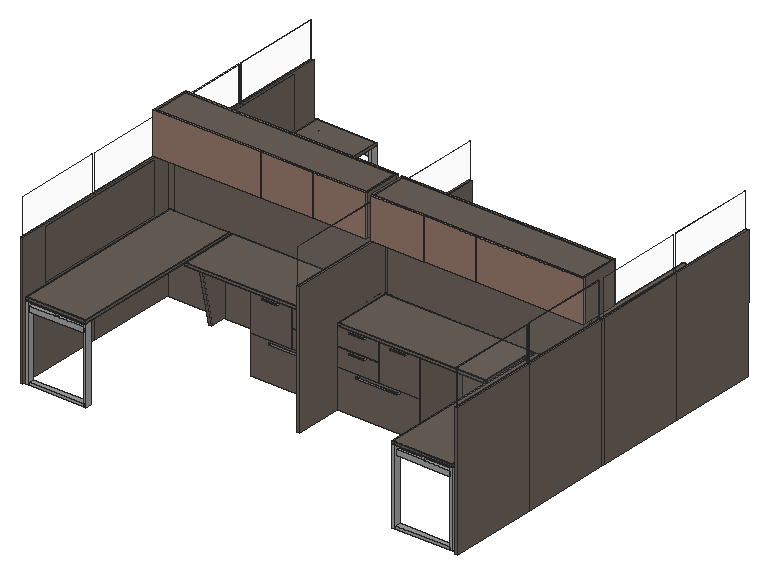
Revit family "OFS TYPICAL S200152", category Furniture, Revit 2022 (continued)
Definition of nested family "STAKS BENCHING RECTANGULAR WORKSURFACES"
  Lines and regions (in)
    Masking region 1
      outline origin (0, 0, 16.625) x (-1, 0, 0) y (0, -1, 0)
        loop
          line (-7.67998, 1.95865) -> (-7.55498, 1.83365) -> (-7.55498, 23.83365) -> (-7.67998, 23.70865) -> (-7.67998, 1.95865)
    Masking region 2
      outline origin (0, 0, 16.625) x (-1, 0, 0) y (0, -1, 0)
        loop
          line (-7.55498, 1.83365) -> (-7.67998, 1.95865) -> (-55.42998, 1.95865) -> (-55.55498, 1.83365) -> (-7.55498, 1.83365)
    Masking region 3
      outline origin (0, 0, 16.625) x (-1, 0, 0) y (0, -1, 0)
        loop
          line (-55.55498, 1.83365) -> (-55.42998, 1.95865) -> (-55.42998, 23.70865) -> (-55.55498, 23.83365) -> (-55.55498, 1.83365)
    Masking region 4
      outline origin (0, 0, 16.625) x (-1, 0, 0) y (0, -1, 0)
        loop
          line (-55.55498, 23.83365) -> (-55.42998, 23.70865) -> (-7.67998, 23.70865) -> (-7.55498, 23.83365) -> (-55.55498, 23.83365)
    Masking region 5
      outline origin (0, 0, 16.625) x (-1, 0, 0) y (0, -1, 0)
        loop
          line (-55.42998, 23.70865) -> (-55.42998, 1.95865) -> (-7.67998, 1.95865) -> (-7.67998, 23.70865) -> (-55.42998, 23.70865)
  Dimensions and locks (in)
    "SURFACE DEPTH": plane 4 "BACK" to plane 5 "FRONT"
    "SURFACE WIDTH": plane 2 "LEFT" to plane 3 "RIGHT"
    locked: plane 11 "SURFACE TOP" to plane 10 at 1.125
    locked: plane 4 "BACK" to plane 8 at 0.125
    locked: plane 2 "LEFT" to plane 6 at 0.125
    locked: plane 7 to plane 3 "RIGHT" at 0.125
    locked: plane 9 to plane 5 "FRONT" at 0.125
    aligned: level to plane 1
    aligned and locked: plane 8 to Extrusion 1 sketch curve
    aligned and locked: Extrusion 1 sketch curve to plane 6
    aligned and locked: Extrusion 1 sketch curve to plane 9
    aligned and locked: plane 7 to Extrusion 1 sketch curve
    aligned and locked: plane 11 "SURFACE TOP" to Extrusion 1
    aligned and locked: Extrusion 1 to plane 10
    aligned and locked: Sweep 2 sketch curve to plane 5 "FRONT"
    aligned and locked: Sweep 2 sketch curve to plane 2 "LEFT"
    aligned and locked: plane 4 "BACK" to Sweep 2 sketch curve
    aligned and locked: plane 3 "RIGHT" to Sweep 2 sketch curve
  Automatic sketch dimensions
    Masking region 1 sketch curve to plane 6 = 0' - 0"
    Masking region 1 sketch curve to plane 2 "LEFT" = 0' - 0"
    Masking region 1 sketch curve to plane 4 "BACK" = 0' - 0"
    Masking region 1 sketch curve to plane 8 = 0' - 0"
    Masking region 1 sketch curve to plane 9 = 0' - 0"
    Masking region 1 sketch curve to plane 5 "FRONT" = 0' - 0"
    Masking region 2 sketch curve to plane 3 "RIGHT" = 0' - 0"
    Masking region 2 sketch curve to plane 7 = 0' - 0"
    Masking region 2 sketch curve to plane 6 = 0' - 0"
    Masking region 2 sketch curve to plane 2 "LEFT" = 0' - 0"
    Masking region 2 sketch curve to plane 4 "BACK" = 0' - 0"
    Masking region 2 sketch curve to plane 8 = 0' - 0"
    Masking region 3 sketch curve to plane 3 "RIGHT" = 0' - 0"
    Masking region 3 sketch curve to plane 7 = 0' - 0"
    Masking region 3 sketch curve to plane 4 "BACK" = 0' - 0"
    Masking region 3 sketch curve to plane 8 = 0' - 0"
    Masking region 3 sketch curve to plane 9 = 0' - 0"
    Masking region 3 sketch curve to plane 5 "FRONT" = 0' - 0"
    Masking region 4 sketch curve to plane 3 "RIGHT" = 0' - 0"
    Masking region 4 sketch curve to plane 7 = 0' - 0"
    Masking region 4 sketch curve to plane 6 = 0' - 0"
    Masking region 4 sketch curve to plane 2 "LEFT" = 0' - 0"
    Masking region 4 sketch curve to plane 9 = 0' - 0"
    Masking region 4 sketch curve to plane 5 "FRONT" = 0' - 0"
    Masking region 5 sketch curve to plane 7 = 0' - 0"
    Masking region 5 sketch curve to plane 6 = 0' - 0"
    Masking region 5 sketch curve to plane 8 = 0' - 0"
    Masking region 5 sketch curve to plane 9 = 0' - 0"
    Sweep 2 sketch curve to profile plane = 0' - 0"
    Sweep 2 sketch curve to plane 11 "SURFACE TOP" = 0' - 0"
    Sweep 2 sketch curve to profile plane = 0' - 0 1/8"
    Sweep 2 sketch curve to Sweep 2 sketch curve = 0' - 0 7/8"
Definition of nested family "STAKS WORKSURFACE HEIGHT MULTI FILE PEDESTAL - NO RISER SUPPORT"
  Parameters (values of type "STAKS WORKSURFACE HEIGHT MULTI FILE PEDESTAL 30 x 19 Left")
    URL = "http://www.ofs.com/"
    Riser Support = 0' - 0"
    Model = "6-NW3019MPD12L"
    Manufacturer = "OFS"
    LDR = no
    LDL = yes
    Height = 2' - 3 7/8"
    Drawer Material = none
    Drawer Handle Width 2 = 0' - 5 1/2"
    Drawer Handle Width = 1' - 3 1/8"
    Drawer Handle Material = none
    Description = "OFS STAKS WORKSURFACE HEIGHT MULTI FILE PEDESTAL 30 x 19 Left, One Lateral File Drawer, Use with 22\"D Worksurfaces"
    Width = 2' - 6"
    Depth = 1' - 7 3/8"
    Default Elevation = 0' - 0"
    DH2 = 0' - 6 3/4"
    DH1 = 1' - 2 3/8"
    Copyright © = "© 2018 OFS"
    Chasis Material = none
    Catalog = "https://ofs.com/products/casegoods/private-office/staks"
    Board Thickness = 0' - 0 3/4"
    Authoring Version = "Autodesk Revit Architecture 2013"
    Assembly Code = "E2020200"
  Types (4): name | Model | LDR | LDL | Description | Depth
    STAKS WORKSURFACE HEIGHT MULTI FILE PEDESTAL 30 x 19 Left | "6-NW3019MPD12L" | no | yes | "OFS STAKS WORKSURFACE HEIGHT MULTI FILE PEDESTAL 30 x 19 Left, One Lateral File Drawer, Use with 22\"D Worksurfaces" | 1' - 7 3/8"
    STAKS WORKSURFACE HEIGHT MULTI FILE PEDESTAL 30 x 19 Right | "6-NW3019MPD12R" | yes | no | "OFS STAKS WORKSURFACE HEIGHT MULTI FILE PEDESTAL 30 x 19 Right, One Lateral File Drawer, Use with 22\"D Worksurfaces" | 1' - 7 3/8"
    STAKS WORKSURFACE HEIGHT MULTI FILE PEDESTAL 30 x 22 Right | "6-NW3022MPD12R" | yes | no | "OFS STAKS WORKSURFACE HEIGHT MULTI FILE PEDESTAL 30 x 22 Right, One Lateral File Drawer, Use with 22\"D Worksurfaces" | 1' - 9 7/8"
    STAKS WORKSURFACE HEIGHT MULTI FILE PEDESTAL 30 x 22 Left | "6-NW3022MPD12L" | no | yes | "OFS STAKS WORKSURFACE HEIGHT MULTI FILE PEDESTAL 30 x 22 Left, One Lateral File Drawer, Use with 22\"D Worksurfaces" | 1' - 9 7/8"
  Reference planes (in)
    plane 1: z = 0
    plane 2 "Right": x = 20.97711
    plane 3: z = 27.875
    plane 4: z = 14.375
    plane 5: z = 14.25
    plane 6: z = 0
    plane 7: z = 14
    plane 8: z = 27.625
    plane 9: z = 13.531
    plane 10: z = 27.15625
    plane 11: x = 5.97711
    plane 12: y = 1.37535
    plane 13: y = 0.62535
    plane 14: x = 6.03961
    plane 15: x = 35.91411
    plane 16: x = 6.72711
    plane 17: y = 20.00035
    plane 18: x = 35.97711
    plane 19: x = 35.22711
    plane 20: x = 13.41461
    plane 21: x = 13.78961
    plane 22: x = 28.53961
    plane 23: x = 28.16461
    plane 24: y = -0.18715
    plane 25: y = -0.37465
    plane 26: z = 21.125
    plane 27: z = 21
    plane 28: z = 20.75
    plane 29: z = 20.281
    plane 30: z = 0.25
    plane 31: y = 19.25035
    plane 32: z = 0.75
    plane 33: y = 16.75035
    plane 34: y = 4.37535
    plane 35: y = 8.37535
    plane 36: y = 12.75035
    plane 37: y = 5.00035
    plane 38: y = 13.37535
    plane 39: z = 28
    plane 40: x = 20.91461
    plane 41: x = 21.03961
    plane 42: x = 13.50836
    plane 43: x = 16.25836
    plane 44: x = 10.75836
    plane 45: x = 11.13336
    plane 46: x = 15.88336
    plane 47: x = 28.47711
    plane 48: x = 25.72711
    plane 49: x = 31.22711
    plane 50: x = 30.85211
    plane 51: x = 26.10211
  Forms (in)
    Extrusion 1, solid, material <- "Drawer Material"
      sketch origin (20.35211, 5, -13.1802) x (0, 1, 0) y (0, 0, 1)
        loop
          line (-4.37465, 27.4302) -> (-4.37465, 13.4302) -> (-3.62465, 13.4302) -> (-3.62465, 27.4302) -> (-4.37465, 27.4302)
      from -14.3125 to 15.562
    Extrusion 2, solid, material <- "Drawer Material", visible <- "LDR"
      sketch origin (20.35211, 2.25, -7.68015) x (0, 1, 0) y (0, 0, 1)
        loop
          line (-1.62465, 28.68015) -> (-1.62465, 22.05515) -> (-0.87465, 22.05515) -> (-0.87465, 28.68015) -> (-1.62465, 28.68015)
      from -14.3125 to 0.5625
    Extrusion 3, solid, material <- "Chasis Material"
      sketch origin (-3, -1.24965, 0) x (1, 0, 0) y (0, 0, 1)
        loop
          line (8.97711, 0) -> (9.72711, 0) -> (9.72711, 27.875) -> (8.97711, 27.875) -> (8.97711, 0)
      from -21.25 to -2.625
    Extrusion 4, solid, material <- "Chasis Material"
      sketch origin (19.35211, 31.02324, 0) x (0, 1, 0) y (0, 0, 1)
        loop
          line (-11.77289, 0) -> (-11.02289, 0) -> (-11.02289, 27.875) -> (-11.77289, 27.875) -> (-11.77289, 0)
      from -12.625 to 15.875
    Extrusion 5, solid, material <- "Drawer Handle Material"
      sketch origin (9, 0, 9.60933) x (1, 0, 0) y (0, 1, 0)
        loop
          line (4.41461, 0.62535) -> (4.41461, -0.37465) -> (19.53961, -0.37465) -> (19.53961, 0.62535) -> (19.16461, 0.62535) -> (19.16461, -0.18715) -> (4.78961, -0.18715) -> (4.78961, 0.62535) -> (4.41461, 0.62535)
      from 3.92167 to 4.39067
    Extrusion 6, solid, material <- "Chasis Material"
      sketch origin (0, 0, 0) x (1, 0, 0) y (0, 1, 0)
        loop
          line (35.97711, 20.00035) -> (35.22711, 20.00035) -> (35.22711, 1.37535) -> (35.97711, 1.37535) -> (35.97711, 20.00035)
      from 0 to 27.875
    Extrusion 7, solid, material <- "Drawer Material", visible <- "LDR"
      sketch origin (20.35211, 2.25, 0.06985) x (0, 1, 0) y (0, 0, 1)
        loop
          line (-1.62465, 27.80515) -> (-1.62465, 21.05515) -> (-0.87465, 21.05515) -> (-0.87465, 27.80515) -> (-1.62465, 27.80515)
      from -14.3125 to 0.5625
    Extrusion 8, solid, material <- "Chasis Material"
      sketch origin (-29.79592, -1.62465, 7.24693) x (1, 0, 0) y (0, 0, 1)
        loop
          line (36.52304, 19.90932) -> (65.02304, 19.90932) -> (65.02304, 20.62807) -> (36.52304, 20.62807) -> (36.52304, 19.90932)
      from -18.375 to -14.375
    Extrusion 9, solid, material <- "Chasis Material"
      sketch origin (-29.79592, -7.12465, 7.24693) x (1, 0, 0) y (0, 0, 1)
        loop
          line (36.52304, 19.90932) -> (65.02304, 19.90932) -> (65.02304, 20.62807) -> (36.52304, 20.62807) -> (36.52304, 19.90932)
      from -15.5 to -11.5
    Extrusion 10, solid, material <- "Chasis Material"
      sketch origin (-31.5409, -1.62465, -42.72261) x (1, 0, 0) y (0, 0, 1)
        loop
          line (38.26801, 42.72261) -> (66.76801, 42.72261) -> (66.76801, 43.47261) -> (38.26801, 43.47261) -> (38.26801, 42.72261)
      from -20.875 to -3
    Extrusion 11, solid
      sketch origin (0, 0, 0) x (1, 0, 0) y (0, 1, 0)
        loop
          line (35.91411, 20.00035) -> (35.22711, 20.00035) -> (35.22711, 13.37535) -> (6.72711, 13.37535) -> (6.72711, 20.00035) -> (6.03961, 20.00035) -> (6.03961, 1.37535) -> (6.72711, 1.37535) -> (6.72711, 4.37535) -> (35.22711, 4.37535) -> (35.22711, 1.37535) -> (35.91411, 1.37535) -> (35.91411, 20.00035)
        loop
          line (35.22711, 5.00035) -> (35.22711, 12.75035) -> (6.72711, 12.75035) -> (6.72711, 5.00035) -> (35.22711, 5.00035)
      from 27.875 to 28
    Extrusion 12, solid, material <- "Drawer Material", visible <- "LDL"
      sketch origin (21.60211, 2.25, -7.68015) x (0, 1, 0) y (0, 0, -1)
        loop
          line (-1.62465, -28.68015) -> (-0.87465, -28.68015) -> (-0.87465, -22.05515) -> (-1.62465, -22.05515) -> (-1.62465, -28.68015)
      from -14.312 to 0.5625
    Extrusion 13, solid, material <- "Drawer Material", visible <- "LDL"
      sketch origin (21.60211, 2.25, 0.06985) x (0, 1, 0) y (0, 0, -1)
        loop
          line (-1.62465, -27.80515) -> (-0.87465, -27.80515) -> (-0.87465, -21.05515) -> (-1.62465, -21.05515) -> (-1.62465, -27.80515)
      from -14.312 to 0.5625
    Extrusion 14, solid, material <- "Drawer Handle Material"
      sketch origin (6, 0, 28.42137) x (1, 0, 0) y (0, 1, 0)
        loop
          line (4.75836, 0.62535) -> (4.75836, -0.37465) -> (10.25836, -0.37465) -> (10.25836, 0.62535) -> (9.88336, 0.62535) -> (9.88336, -0.18715) -> (5.13336, -0.18715) -> (5.13336, 0.62535) -> (4.75836, 0.62535)
      from -1.26512 to -0.79637
    Extrusion 15, solid, material <- "Drawer Handle Material"
      sketch origin (20.66456, -2.06097, 28.42137) x (1, 0, 0) y (0, 1, 0)
        loop
          line (5.06255, 2.68632) -> (5.06255, 1.68632) -> (10.56255, 1.68632) -> (10.56255, 2.68632) -> (10.18755, 2.68632) -> (10.18755, 1.87382) -> (5.43755, 1.87382) -> (5.43755, 2.68632) -> (5.06255, 2.68632)
      from -1.26512 to -0.79637
    Extrusion 16, solid, material <- "Drawer Handle Material", visible <- "LDR"
      sketch origin (7.00542, -0.5, 20.23287) x (1, 0, 0) y (0, 1, 0)
        loop
          line (3.75294, 1.12535) -> (3.75294, 0.12535) -> (9.25294, 0.12535) -> (9.25294, 1.12535) -> (8.87794, 1.12535) -> (8.87794, 0.31285) -> (4.12794, 0.31285) -> (4.12794, 1.12535) -> (3.75294, 1.12535)
      from 0.04813 to 0.51713
    Extrusion 17, solid, material <- "Drawer Handle Material", visible <- "LDL"
      sketch origin (21.66998, -2.56097, 20.23287) x (1, 0, 0) y (0, 1, 0)
        loop
          line (4.05713, 3.18632) -> (4.05713, 2.18632) -> (9.55713, 2.18632) -> (9.55713, 3.18632) -> (9.18213, 3.18632) -> (9.18213, 2.37382) -> (4.43213, 2.37382) -> (4.43213, 3.18632) -> (4.05713, 3.18632)
      from 0.04813 to 0.51713
    Extrusion 18, solid, material <- "Drawer Material", visible <- "LDL"
      sketch origin (24.41461, 28.53949, -8.13862) x (0, 1, 0) y (0, 0, 1)
        loop
          line (-27.91414, 36.01362) -> (-27.91414, 22.51362) -> (-27.16414, 22.51362) -> (-27.16414, 36.01362) -> (-27.91414, 36.01362)
      from -18.375 to -3.5
    Extrusion 19, solid, material <- "Drawer Material", visible <- "LDR"
      sketch origin (46.20051, 28.53949, -5.07681) x (0, 1, 0) y (0, 0, 1)
        loop
          line (-27.91414, 32.95181) -> (-27.91414, 19.45181) -> (-27.16414, 19.45181) -> (-27.16414, 32.95181) -> (-27.91414, 32.95181)
      from -25.1609 to -10.2864
  Dimensions and locks (in)
    "Board Thickness": plane 13 to plane 12
    locked: plane 11 to plane 14 at 0.0625
    "Board Thickness": plane 11 to plane 16
    locked: plane 15 to plane 18 at 0.063
    "Width": plane 11 to plane 18
    Extrusion 6 sketch curve to plane 18 = 0' - 0 3/4"
    "Board Thickness": plane 19 to plane 18
    equal spacing: plane 11, plane 2 "Right", plane 18
    locked: plane 20 to plane 21 at 0.375
    locked: plane 23 to plane 22 at 0.375
    equal spacing: plane 20, plane 2 "Right", plane 22
    "Drawer Handle Width": plane 20 to plane 22
    plane 25 to plane 24 to plane 13 = 0' - 0 3/16" locked, 0' - 0 13/16" locked
    "Riser Support": plane 6 to level
    "Height": plane 3 to plane 6
    "DH1": plane 4 to plane 6
    "DH2": plane 26 to plane 4
    locked: plane 30 to plane 6 at 0.25
    "Board Thickness": plane 31 to plane 17
    "Depth": plane 13 to plane 17
    plane 4 to plane 5 to plane 7 to plane 9 = 0' - 0 1/8" locked, 0' - 0 1/4" locked, 0' - 0.469" locked
    plane 26 to plane 27 to plane 28 to plane 29 = 0' - 0 1/8" locked, 0' - 0 1/4" locked, 0' - 0.469" locked
    plane 3 to plane 8 to plane 10 = 0' - 0 1/4" locked, 0' - 0 15/32" locked
    "Board Thickness": plane 32 to plane 6
    plane 12 to plane 34 to plane 35 = 0' - 3" locked, 0' - 4" locked
    plane 36 to plane 33 to plane 31 = 0' - 4" locked, 0' - 2 1/2" locked
    locked: plane 34 to plane 37 at 0.625
    locked: plane 36 to plane 38 at 0.625
    locked: plane 39 to plane 3 at 0.125
    plane 40 to plane 2 "Right" to plane 41 = 0' - 0 1/16" locked, 0' - 0 1/16" locked
    locked: plane 46 to plane 43 at 0.375
    locked: plane 44 to plane 45 at 0.375
    "Drawer Handle Width 2": plane 44 to plane 43
    locked: plane 51 to plane 48 at 0.375
    locked: plane 49 to plane 50 at 0.375
    "Drawer Handle Width 2": plane 49 to plane 48
    equal spacing: plane 44, plane 42, plane 43
    equal spacing: plane 48, plane 47, plane 49
    equal spacing: plane 14, plane 42, plane 2 "Right"
    equal spacing: plane 2 "Right", plane 47, plane 18
    aligned and locked: level to plane 1
    aligned and locked: Extrusion 1 to plane 14
    aligned and locked: plane 15 to Extrusion 1
    aligned and locked: Extrusion 2 to plane 12
    aligned and locked: plane 13 to Extrusion 2
    aligned and locked: Extrusion 2 to plane 14
    aligned and locked: plane 12 to Extrusion 3
    aligned and locked: Extrusion 3 to plane 17
    aligned and locked: Extrusion 4 to plane 16
    aligned and locked: plane 16 to Extrusion 3
    aligned and locked: Extrusion 3 to plane 11
    aligned and locked: Extrusion 4 to plane 17
    aligned and locked: Extrusion 1 sketch curve to plane 12
    aligned and locked: plane 13 to Extrusion 1 sketch curve
    aligned and locked: plane 19 to Extrusion 4
    aligned and locked: plane 3 to Extrusion 3
    aligned and locked: Extrusion 5 to plane 22
    aligned and locked: plane 23 to Extrusion 5
    aligned and locked: plane 21 to Extrusion 5
    aligned and locked: Extrusion 5 to plane 20
    aligned and locked: plane 7 to Extrusion 5
    aligned and locked: Extrusion 5 to plane 9
    aligned and locked: plane 3 to Extrusion 4
    aligned and locked: plane 27 to Extrusion 2
    aligned and locked: Extrusion 1 to plane 30
    aligned and locked: Extrusion 7 to plane 26
    aligned and locked: plane 3 to Extrusion 7
    aligned and locked: Extrusion 6 to plane 19
    aligned and locked: Extrusion 7 to plane 14
    aligned and locked: plane 3 to Extrusion 6
    aligned and locked: Extrusion 6 to plane 6
    aligned and locked: plane 3 to Extrusion 8
    aligned and locked: Extrusion 8 to plane 10
    aligned and locked: plane 19 to Extrusion 8
    aligned and locked: Extrusion 8 to plane 16
    aligned and locked: Extrusion 8 to plane 33
    aligned and locked: plane 36 to Extrusion 8
    aligned and locked: plane 34 to Extrusion 9
    aligned and locked: Extrusion 9 to plane 35
    aligned and locked: plane 3 to Extrusion 9
    aligned and locked: Extrusion 9 to plane 10
    aligned and locked: plane 32 to Extrusion 10
    aligned and locked: Extrusion 10 to plane 6
    aligned and locked: Extrusion 10 to plane 31
    aligned and locked: plane 12 to Extrusion 10
    aligned and locked: plane 19 to Extrusion 10
    aligned and locked: Extrusion 10 to plane 16
    aligned and locked: Extrusion 11 to plane 3
    aligned and locked: plane 39 to Extrusion 11
    aligned and locked: plane 40 to Extrusion 7
    aligned and locked: plane 40 to Extrusion 2
    aligned and locked: plane 41 to Extrusion 13
    aligned and locked: plane 41 to Extrusion 12
    aligned and locked: Extrusion 13 to plane 26
    aligned and locked: plane 27 to Extrusion 12
    aligned and locked: plane 3 to Extrusion 13
    aligned and locked: Extrusion 12 to plane 4
    aligned and locked: plane 15 to Extrusion 12
    aligned and locked: plane 15 to Extrusion 13
    aligned and locked: Extrusion 14 to plane 45  (x2)
    aligned and locked: plane 44 to Extrusion 14
    aligned and locked: plane 46 to Extrusion 14
    aligned and locked: Extrusion 14 to plane 43
    aligned and locked: Extrusion 14 to plane 24
    aligned and locked: plane 25 to Extrusion 14
    aligned and locked: Extrusion 14 to plane 13  (x2)
    aligned and locked: Extrusion 15 to plane 13  (x2)
    aligned and locked: Extrusion 15 to plane 24
    aligned and locked: plane 25 to Extrusion 15
    aligned and locked: plane 48 to Extrusion 15
    aligned and locked: Extrusion 15 to plane 51
    aligned and locked: Extrusion 15 to plane 49
    aligned and locked: plane 50 to Extrusion 15
    aligned and locked: plane 8 to Extrusion 14
    aligned and locked: plane 8 to Extrusion 15
    aligned and locked: Extrusion 14 to plane 10
    aligned and locked: Extrusion 15 to plane 10
    aligned and locked: Extrusion 16 to plane 13  (x2)
    aligned and locked: Extrusion 17 to plane 13  (x2)
    aligned and locked: Extrusion 17 to plane 24
    aligned and locked: plane 25 to Extrusion 17
    aligned and locked: Extrusion 16 to plane 24
    aligned and locked: plane 25 to Extrusion 16
    aligned and locked: plane 44 to Extrusion 16
    aligned and locked: Extrusion 16 to plane 45
    aligned and locked: plane 46 to Extrusion 16
    aligned and locked: Extrusion 16 to plane 43
    aligned and locked: plane 48 to Extrusion 17
    aligned and locked: Extrusion 17 to plane 51
    aligned and locked: plane 50 to Extrusion 17
    aligned and locked: Extrusion 17 to plane 49
    aligned and locked: plane 28 to Extrusion 16
    aligned and locked: Extrusion 16 to plane 29
    aligned and locked: plane 28 to Extrusion 17
    aligned and locked: Extrusion 17 to plane 29
    aligned and locked: Extrusion 4 to plane 6
    aligned and locked: Extrusion 3 to plane 6
    aligned and locked: Extrusion 18 to plane 14
    aligned and locked: plane 40 to Extrusion 18
    aligned and locked: Extrusion 18 to plane 4
    aligned and locked: plane 41 to Extrusion 19
    aligned and locked: Extrusion 19 to plane 4
    aligned and locked: plane 15 to Extrusion 19
    aligned and locked: plane 3 to Extrusion 19
    aligned and locked: plane 3 to Extrusion 18
    aligned and locked: plane 13 to Extrusion 18
    aligned and locked: plane 13 to Extrusion 19
    aligned and locked: Extrusion 18 to plane 12
    aligned and locked: Extrusion 19 to plane 12
    aligned and locked: plane 12 to Extrusion 11  (x2)
  Automatic sketch dimensions
    Extrusion 1 sketch curve to plane 30 = 0' - 0"
    Extrusion 1 sketch curve to plane 5 = 0' - 0"
    Extrusion 2 sketch curve to plane 13 = 0' - 0"
    Extrusion 2 sketch curve to plane 4 = 0' - 0"
    Extrusion 2 sketch curve to plane 12 = 0' - 0"
    Extrusion 2 sketch curve to plane 27 = 0' - 0"
    Extrusion 3 sketch curve to plane 6 = 0' - 0"
    Extrusion 3 sketch curve to plane 11 = 0' - 0"
    Extrusion 3 sketch curve to plane 3 = 0' - 0"
    Extrusion 3 sketch curve to plane 16 = 0' - 0"
    Extrusion 4 sketch curve to plane 6 = 0' - 0"
    Extrusion 4 sketch curve to plane 3 = 0' - 0"
    Extrusion 4 sketch curve to plane 17 = 0' - 0"
    plane 31 to Extrusion 4 sketch curve = 0' - 0"
    plane 13 to Extrusion 5 sketch curve = 0' - 0"  (x2)
    Extrusion 5 sketch curve to plane 20 = 0' - 0"
    Extrusion 5 sketch curve to plane 21 = 0' - 0"
    Extrusion 5 sketch curve to plane 23 = 0' - 0"
    Extrusion 5 sketch curve to plane 22 = 0' - 0"
    plane 25 to Extrusion 5 sketch curve = 0' - 0"
    plane 24 to Extrusion 5 sketch curve = 0' - 0"
    plane 12 to Extrusion 6 sketch curve = 0' - 0"
    Extrusion 6 sketch curve to plane 18 = 0' - 0"
    plane 17 to Extrusion 6 sketch curve = 0' - 0"
    Extrusion 7 sketch curve to plane 3 = 0' - 0"
    Extrusion 7 sketch curve to plane 13 = 0' - 0"
    Extrusion 7 sketch curve to plane 12 = 0' - 0"
    Extrusion 7 sketch curve to plane 26 = 0' - 0"
    Extrusion 8 sketch curve to plane 10 = 0' - 0"
    Extrusion 8 sketch curve to plane 16 = 0' - 0"
    Extrusion 8 sketch curve to plane 3 = 0' - 0"
    Extrusion 8 sketch curve to plane 19 = 0' - 0"
    Extrusion 9 sketch curve to plane 10 = 0' - 0"
    Extrusion 9 sketch curve to plane 16 = 0' - 0"
    Extrusion 9 sketch curve to plane 3 = 0' - 0"
    Extrusion 9 sketch curve to plane 19 = 0' - 0"
    Extrusion 10 sketch curve to plane 6 = 0' - 0"
    Extrusion 10 sketch curve to plane 16 = 0' - 0"
    Extrusion 10 sketch curve to plane 19 = 0' - 0"
    Extrusion 10 sketch curve to plane 32 = 0' - 0"
    Extrusion 11 sketch curve to plane 14 = 0' - 0"
    Extrusion 11 sketch curve to plane 16 = 0' - 0"  (x3)
    Extrusion 11 sketch curve to plane 19 = 0' - 0"  (x3)
    plane 17 to Extrusion 11 sketch curve = 0' - 0"  (x2)
    Extrusion 11 sketch curve to plane 13 = 0' - 0 3/4"  (x2)
    Extrusion 11 sketch curve to plane 15 = 0' - 0"
    plane 34 to Extrusion 11 sketch curve = 0' - 0"
    plane 37 to Extrusion 11 sketch curve = 0' - 0"
    plane 36 to Extrusion 11 sketch curve = 0' - 0"
    plane 38 to Extrusion 11 sketch curve = 0' - 0"
    Extrusion 12 sketch curve to plane 13 = 0' - 0"
    plane 4 to Extrusion 12 sketch curve = 0' - 0"
    Extrusion 12 sketch curve to plane 12 = 0' - 0"
    plane 27 to Extrusion 12 sketch curve = 0' - 0"
    plane 3 to Extrusion 13 sketch curve = 0' - 0"
    Extrusion 13 sketch curve to plane 13 = 0' - 0"
    Extrusion 13 sketch curve to plane 12 = 0' - 0"
    plane 26 to Extrusion 13 sketch curve = 0' - 0"
    plane 13 to Extrusion 14 sketch curve = 0' - 0"  (x2)
    Extrusion 14 sketch curve to plane 44 = 0' - 0"
    Extrusion 14 sketch curve to plane 45 = 0' - 0"
    plane 24 to Extrusion 14 sketch curve = 0' - 0"
    Extrusion 14 sketch curve to plane 46 = 0' - 0"
    Extrusion 14 sketch curve to plane 43 = 0' - 0"
    plane 25 to Extrusion 14 sketch curve = 0' - 0"
    plane 13 to Extrusion 15 sketch curve = 0' - 0"  (x2)
    Extrusion 15 sketch curve to plane 48 = 0' - 0"
    Extrusion 15 sketch curve to plane 51 = 0' - 0"
    plane 24 to Extrusion 15 sketch curve = 0' - 0"
    Extrusion 15 sketch curve to plane 50 = 0' - 0"
    Extrusion 15 sketch curve to plane 49 = 0' - 0"
    plane 25 to Extrusion 15 sketch curve = 0' - 0"
    plane 13 to Extrusion 16 sketch curve = 0' - 0"  (x2)
    Extrusion 16 sketch curve to plane 44 = 0' - 0"
    Extrusion 16 sketch curve to plane 45 = 0' - 0"
    plane 24 to Extrusion 16 sketch curve = 0' - 0"
    Extrusion 16 sketch curve to plane 46 = 0' - 0"
    Extrusion 16 sketch curve to plane 43 = 0' - 0"
    plane 25 to Extrusion 16 sketch curve = 0' - 0"
    plane 13 to Extrusion 17 sketch curve = 0' - 0"  (x2)
    Extrusion 17 sketch curve to plane 48 = 0' - 0"
    Extrusion 17 sketch curve to plane 51 = 0' - 0"
    plane 24 to Extrusion 17 sketch curve = 0' - 0"
    Extrusion 17 sketch curve to plane 50 = 0' - 0"
    Extrusion 17 sketch curve to plane 49 = 0' - 0"
    plane 25 to Extrusion 17 sketch curve = 0' - 0"
    plane 36 to Extrusion 18 sketch curve = 1' - 0 1/8"
    plane 4 to Extrusion 18 sketch curve = 0' - 0"
    Extrusion 18 sketch curve to Extrusion 18 sketch curve = 0' - 0 3/4"
    plane 26 to Extrusion 18 sketch curve = 0' - 6 3/4"
    plane 36 to Extrusion 19 sketch curve = 1' - 0 1/8"
    Extrusion 19 sketch curve to plane 29 = 0' - 5.906"
    Extrusion 19 sketch curve to Extrusion 19 sketch curve = 0' - 0 3/4"
    plane 10 to Extrusion 19 sketch curve = 0' - 0 23/32"
Definition of nested family "STAKS SPINE OR DIVIDER WALL 48in"
  Parameters (values of type "STAKS SPINE OR DIVIDER WALL 48in X 24in")
    URL = "http://www.ofs.com/"
    Height Above Floor [instance] = 4' - 0"
    Height = 4' - 0"
    Depth = 0' - 1"
    Model = "6-PAN-48/24"
    Manufacturer = "OFS"
    Description = "OFS STAKS SPINE OR DIVIDER WALL 48\" Height x 24\" Width, Levelers allow 2.5\" Height Adjustability for Uneven Floor"
    Width = 2' - 0"
    Default Elevation = 0' - 0"
    Copyright © = "© 2018 OFS"
    Catalog = "https://ofs.com/products/casegoods/private-office/staks"
    Authoring Version = "Autodesk Revit Architecture 2013"
    Assembly Code = "E2020200"
  Types (19): name | Model | Description | Width
    STAKS SPINE OR DIVIDER WALL 48in X 24in | "6-PAN-48/24" | "OFS STAKS SPINE OR DIVIDER WALL 48\" Height x 24\" Width, Levelers allow 2.5\" Height Adjustability for Uneven Floor" | 2' - 0"
    STAKS SPINE OR DIVIDER WALL 48in X 33in | "6-PAN-48/33" | "OFS STAKS SPINE OR DIVIDER WALL 48\" Height x 33\" Width, Levelers allow 2.5\" Height Adjustability for Uneven Floor" | 2' - 9"
    STAKS SPINE OR DIVIDER WALL 48in X 26in | "6-PAN-48/26" | "OFS STAKS SPINE OR DIVIDER WALL 48\" Height x 26\" Width, Levelers allow 2.5\" Height Adjustability for Uneven Floor" | 2' - 2"
    STAKS SPINE OR DIVIDER WALL 48in X 30in | "6-PAN-48/30" | "OFS STAKS SPINE OR DIVIDER WALL 48\" Height x 30\" Width, Levelers allow 2.5\" Height Adjustability for Uneven Floor" | 2' - 6"
    STAKS SPINE OR DIVIDER WALL 48in X 36in | "6-PAN-48/36" | "OFS STAKS SPINE OR DIVIDER WALL 48\" Height x 36\" Width, Levelers allow 2.5\" Height Adjustability for Uneven Floor" | 3' - 0"
    STAKS SPINE OR DIVIDER WALL 48in X 37in | "6-PAN-48/37" | "OFS STAKS SPINE OR DIVIDER WALL 48\" Height x 37\" Width, Levelers allow 2.5\" Height Adjustability for Uneven Floor" | 3' - 1"
    STAKS SPINE OR DIVIDER WALL 48in X 39in | "6-PAN-48/39" | "OFS STAKS SPINE OR DIVIDER WALL 48\" Height x 39\" Width, Levelers allow 2.5\" Height Adjustability for Uneven Floor" | 3' - 3"
    STAKS SPINE OR DIVIDER WALL 48in X 40in | "6-PAN-48/40" | "OFS STAKS SPINE OR DIVIDER WALL 48\" Height x 40\" Width, Levelers allow 2.5\" Height Adjustability for Uneven Floor" | 3' - 4"
    STAKS SPINE OR DIVIDER WALL 48in X 42in | "6-PAN-48/42" | "OFS STAKS SPINE OR DIVIDER WALL 48\" Height x 42\" Width, Levelers allow 2.5\" Height Adjustability for Uneven Floor" | 3' - 6"
    STAKS SPINE OR DIVIDER WALL 48in X 44in | "6-PAN-48/44" | "OFS STAKS SPINE OR DIVIDER WALL 48\" Height x 44\" Width, Levelers allow 2.5\" Height Adjustability for Uneven Floor" | 3' - 8"
    STAKS SPINE OR DIVIDER WALL 48in X 45in | "6-PAN-48/45" | "OFS STAKS SPINE OR DIVIDER WALL 48\" Height x 45\" Width, Levelers allow 2.5\" Height Adjustability for Uneven Floor" | 3' - 9"
    STAKS SPINE OR DIVIDER WALL 48in X 47in | "6-PAN-48/47" | "OFS STAKS SPINE OR DIVIDER WALL 48\" Height x 47\" Width, Levelers allow 2.5\" Height Adjustability for Uneven Floor" | 3' - 11"
    STAKS SPINE OR DIVIDER WALL 48in X 48in | "6-PAN-48/48" | "OFS STAKS SPINE OR DIVIDER WALL 48\" Height x 48\" Width, Levelers allow 2.5\" Height Adjustability for Uneven Floor" | 4' - 0"
    STAKS SPINE OR DIVIDER WALL 48in X 49in | "6-PAN-48/49" | "OFS STAKS SPINE OR DIVIDER WALL 48\" Height x 49\" Width, Levelers allow 2.5\" Height Adjustability for Uneven Floor" | 4' - 1"
    STAKS SPINE OR DIVIDER WALL 48in X 52in | "6-PAN-48/52" | "OFS STAKS SPINE OR DIVIDER WALL 48\" Height x 52\" Width, Levelers allow 2.5\" Height Adjustability for Uneven Floor" | 4' - 4"
    STAKS SPINE OR DIVIDER WALL 48in X 54in | "6-PAN-48/54" | "OFS STAKS SPINE OR DIVIDER WALL 48\" Height x 54\" Width, Levelers allow 2.5\" Height Adjustability for Uneven Floor" | 4' - 6"
    STAKS SPINE OR DIVIDER WALL 48in X 56in | "6-PAN-48/56" | "OFS STAKS SPINE OR DIVIDER WALL 48\" Height x 56\" Width, Levelers allow 2.5\" Height Adjustability for Uneven Floor" | 4' - 8"
    STAKS SPINE OR DIVIDER WALL 48in X 58in | "6-PAN-48/58" | "OFS STAKS SPINE OR DIVIDER WALL 48\" Height x 58\" Width, Levelers allow 2.5\" Height Adjustability for Uneven Floor" | 4' - 10"
    STAKS SPINE OR DIVIDER WALL 48in X 59in | "6-PAN-48/59" | "OFS STAKS SPINE OR DIVIDER WALL 48\" Height x 59\" Width, Levelers allow 2.5\" Height Adjustability for Uneven Floor" | 4' - 11"
  Reference planes (in)
    plane 1: z = -0.125
    plane 2 "LEFT": x = 7.55498
    plane 3 "RIGHT": x = 31.55498
    plane 4 "BACK": y = -1.83365
    plane 5 "FRONT": y = -2.83365
    plane 6: x = 7.67998
    plane 7: x = 31.42998
    plane 8: y = -1.95865
    plane 9: y = -2.70865
    plane 10: z = -0.125
    plane 11 "SURFACE TOP": z = 47.875
  Forms (in)
    Extrusion 1, solid
      sketch origin (0, 0, 17.125) x (-1, 0, 0) y (0, -1, 0)
        loop
          line (-7.55498, 1.83365) -> (-7.55498, 2.83365) -> (-31.55498, 2.83365) -> (-31.55498, 1.83365) -> (-7.55498, 1.83365)
      from 30.75 to -17.25
  Lines and regions (in)
    symbolic lines
      curve 1: line (7.55498, -1.83365, 47.875) -> (31.55498, -1.83365, 47.875)
      curve 2: line (7.55498, -2.83365, 47.875) -> (7.55498, -1.83365, 47.875)
      curve 3: line (31.55498, -2.83365, 47.875) -> (7.55498, -2.83365, 47.875)
      curve 4: line (31.55498, -1.83365, 47.875) -> (31.55498, -2.83365, 47.875)
  Dimensions and locks (in)
    "Depth": plane 4 "BACK" to plane 5 "FRONT"
    "Width": plane 2 "LEFT" to plane 3 "RIGHT"
    "Height": plane 11 "SURFACE TOP" to plane 10
    locked: plane 4 "BACK" to plane 8 at 0.125
    locked: plane 2 "LEFT" to plane 6 at 0.125
    locked: plane 7 to plane 3 "RIGHT" at 0.125
    locked: plane 9 to plane 5 "FRONT" at 0.125
    "Height Above Floor": plane 11 "SURFACE TOP" to level
    aligned: level to plane 1
    aligned and locked: plane 11 "SURFACE TOP" to Extrusion 1
    aligned and locked: Extrusion 1 to plane 10
    aligned and locked: plane 4 "BACK" to Extrusion 1 sketch curve
    aligned and locked: Extrusion 1 sketch curve to plane 2 "LEFT"
    aligned and locked: Extrusion 1 sketch curve to plane 5 "FRONT"
    aligned and locked: plane 3 "RIGHT" to Extrusion 1 sketch curve
    aligned and locked: curve 1 to Extrusion 1
    aligned and locked: curve 2 to Extrusion 1
    aligned and locked: curve 3 to Extrusion 1
    aligned and locked: curve 4 to Extrusion 1
Definition of nested family "STAKS DOUBLE SIDED FROSTED GLASS PRIVACY PANEL"
  Parameters (values of type "STAKS DOUBLE SIDED FROSTED GLASS PRIVACY PANEL 23 x 10")
    Width = 1' - 11"
    URL = "http://www.ofs.com/"
    Model = "6-PVPG-23/10"
    Manufacturer = "OFS"
    Height From Floor = 4' - 8"
    Height = 0' - 10"
    Description = "OFS STAKS DOUBLE SIDED FROSTED GLASS PRIVACY PANEL 23 x 10, Recessed 1.5\" Inside Wall Panel"
    Depth = 0' - 0 1/4"
    Default Elevation = 0' - 0"
    Copyright © = "© 2018 OFS"
    Catalog = "https://ofs.com/products/casegoods/private-office/staks"
    Shelf Material = none
    Authoring Version = "Autodesk Revit Architecture 2013"
    Assembly Code = "E2020200"
  Types (38): name | Width | Model | Height From Floor | Height | Description
    STAKS DOUBLE SIDED FROSTED GLASS PRIVACY PANEL 23 x 10 | 1' - 11" | "6-PVPG-23/10" | 4' - 8" | 0' - 10" | "OFS STAKS DOUBLE SIDED FROSTED GLASS PRIVACY PANEL 23 x 10, Recessed 1.5\" Inside Wall Panel"
    STAKS DOUBLE SIDED FROSTED GLASS PRIVACY PANEL 25 x 10 | 2' - 1" | "6-PVPG-25/10" | 4' - 8" | 0' - 10" | "OFS STAKS DOUBLE SIDED FROSTED GLASS PRIVACY PANEL 25 x 10, Recessed 1.5\" Inside Wall Panel"
    STAKS DOUBLE SIDED FROSTED GLASS PRIVACY PANEL 29 x 10 | 2' - 5" | "6-PVPG-29/10" | 4' - 8" | 0' - 10" | "OFS STAKS DOUBLE SIDED FROSTED GLASS PRIVACY PANEL 29 x 10, Recessed 1.5\" Inside Wall Panel"
    STAKS DOUBLE SIDED FROSTED GLASS PRIVACY PANEL 32 x 10 | 2' - 8" | "6-PVPG-32/10" | 4' - 8" | 0' - 10" | "OFS STAKS DOUBLE SIDED FROSTED GLASS PRIVACY PANEL 32 x 10, Recessed 1.5\" Inside Wall Panel"
    STAKS DOUBLE SIDED FROSTED GLASS PRIVACY PANEL 35 x 10 | 2' - 11" | "6-PVPG-35/10" | 4' - 8" | 0' - 10" | "OFS STAKS DOUBLE SIDED FROSTED GLASS PRIVACY PANEL 35 x 10, Recessed 1.5\" Inside Wall Panel"
    STAKS DOUBLE SIDED FROSTED GLASS PRIVACY PANEL 36 x 10 | 3' - 0" | "6-PVPG-36/10" | 4' - 8" | 0' - 10" | "OFS STAKS DOUBLE SIDED FROSTED GLASS PRIVACY PANEL 36 x 10, Recessed 1.5\" Inside Wall Panel"
    STAKS DOUBLE SIDED FROSTED GLASS PRIVACY PANEL 38 x 10 | 3' - 2" | "6-PVPG-38/10" | 4' - 8" | 0' - 10" | "OFS STAKS DOUBLE SIDED FROSTED GLASS PRIVACY PANEL 38 x 10, Recessed 1.5\" Inside Wall Panel"
    STAKS DOUBLE SIDED FROSTED GLASS PRIVACY PANEL 39 x 10 | 3' - 3" | "6-PVPG-39/10" | 4' - 8" | 0' - 10" | "OFS STAKS DOUBLE SIDED FROSTED GLASS PRIVACY PANEL 39 x 10, Recessed 1.5\" Inside Wall Panel"
    STAKS DOUBLE SIDED FROSTED GLASS PRIVACY PANEL 41 x 10 | 3' - 5" | "6-PVPG-41/10" | 4' - 8" | 0' - 10" | "OFS STAKS DOUBLE SIDED FROSTED GLASS PRIVACY PANEL 41 x 10, Recessed 1.5\" Inside Wall Panel"
    STAKS DOUBLE SIDED FROSTED GLASS PRIVACY PANEL 43 x 10 | 3' - 7" | "6-PVPG-43/10" | 4' - 8" | 0' - 10" | "OFS STAKS DOUBLE SIDED FROSTED GLASS PRIVACY PANEL 43 x 10, Recessed 1.5\" Inside Wall Panel"
    STAKS DOUBLE SIDED FROSTED GLASS PRIVACY PANEL 44 x 10 | 3' - 8" | "6-PVPG-44/10" | 4' - 8" | 0' - 10" | "OFS STAKS DOUBLE SIDED FROSTED GLASS PRIVACY PANEL 44 x 10, Recessed 1.5\" Inside Wall Panel"
    STAKS DOUBLE SIDED FROSTED GLASS PRIVACY PANEL 46 x 10 | 3' - 10" | "6-PVPG-46/10" | 4' - 8" | 0' - 10" | "OFS STAKS DOUBLE SIDED FROSTED GLASS PRIVACY PANEL 46 x 10, Recessed 1.5\" Inside Wall Panel"
    STAKS DOUBLE SIDED FROSTED GLASS PRIVACY PANEL 47 x 10 | 3' - 11" | "6-PVPG-47/10" | 4' - 8" | 0' - 10" | "OFS STAKS DOUBLE SIDED FROSTED GLASS PRIVACY PANEL 47 x 10, Recessed 1.5\" Inside Wall Panel"
    STAKS DOUBLE SIDED FROSTED GLASS PRIVACY PANEL 48 x 10 | 4' - 0" | "6-PVPG-48/10" | 4' - 8" | 0' - 10" | "OFS STAKS DOUBLE SIDED FROSTED GLASS PRIVACY PANEL 48 x 10, Recessed 1.5\" Inside Wall Panel"
    STAKS DOUBLE SIDED FROSTED GLASS PRIVACY PANEL 51 x 10 | 4' - 3" | "6-PVPG-51/10" | 4' - 8" | 0' - 10" | "OFS STAKS DOUBLE SIDED FROSTED GLASS PRIVACY PANEL 51 x 10, Recessed 1.5\" Inside Wall Panel"
    STAKS DOUBLE SIDED FROSTED GLASS PRIVACY PANEL 53 x 10 | 4' - 5" | "6-PVPG-53/10" | 4' - 8" | 0' - 10" | "OFS STAKS DOUBLE SIDED FROSTED GLASS PRIVACY PANEL 53 x 10, Recessed 1.5\" Inside Wall Panel"
    STAKS DOUBLE SIDED FROSTED GLASS PRIVACY PANEL 55 x 10 | 4' - 7" | "6-PVPG-55/10" | 4' - 8" | 0' - 10" | "OFS STAKS DOUBLE SIDED FROSTED GLASS PRIVACY PANEL 55 x 10, Recessed 1.5\" Inside Wall Panel"
    STAKS DOUBLE SIDED FROSTED GLASS PRIVACY PANEL 57 x 10 | 4' - 9" | "6-PVPG-57/10" | 4' - 8" | 0' - 10" | "OFS STAKS DOUBLE SIDED FROSTED GLASS PRIVACY PANEL 57 x 10, Recessed 1.5\" Inside Wall Panel"
    STAKS DOUBLE SIDED FROSTED GLASS PRIVACY PANEL 58 x 10 | 4' - 10" | "6-PVPG-58/10" | 4' - 8" | 0' - 10" | "OFS STAKS DOUBLE SIDED FROSTED GLASS PRIVACY PANEL 58 x 10, Recessed 1.5\" Inside Wall Panel"
    STAKS DOUBLE SIDED FROSTED GLASS PRIVACY PANEL 23 x 13 | 1' - 11" | "6-PVPG-23/13" | 4' - 11" | 1' - 1" | "OFS STAKS DOUBLE SIDED FROSTED GLASS PRIVACY PANEL 23 x 13, Recessed 1.5\" Inside Wall Panel"
    STAKS DOUBLE SIDED FROSTED GLASS PRIVACY PANEL 25 x 13 | 2' - 1" | "6-PVPG-25/13" | 4' - 11" | 1' - 1" | "OFS STAKS DOUBLE SIDED FROSTED GLASS PRIVACY PANEL 25 x 13, Recessed 1.5\" Inside Wall Panel"
    STAKS DOUBLE SIDED FROSTED GLASS PRIVACY PANEL 29 x 13 | 2' - 5" | "6-PVPG-29/13" | 4' - 11" | 1' - 1" | "OFS STAKS DOUBLE SIDED FROSTED GLASS PRIVACY PANEL 29 x 13, Recessed 1.5\" Inside Wall Panel"
    STAKS DOUBLE SIDED FROSTED GLASS PRIVACY PANEL 32 x 13 | 2' - 8" | "6-PVPG-32/13" | 4' - 11" | 1' - 1" | "OFS STAKS DOUBLE SIDED FROSTED GLASS PRIVACY PANEL 32 x 13, Recessed 1.5\" Inside Wall Panel"
    STAKS DOUBLE SIDED FROSTED GLASS PRIVACY PANEL 35 x 13 | 2' - 11" | "6-PVPG-35/13" | 4' - 11" | 1' - 1" | "OFS STAKS DOUBLE SIDED FROSTED GLASS PRIVACY PANEL 35 x 13, Recessed 1.5\" Inside Wall Panel"
    STAKS DOUBLE SIDED FROSTED GLASS PRIVACY PANEL 36 x 13 | 3' - 0" | "6-PVPG-36/13" | 4' - 11" | 1' - 1" | "OFS STAKS DOUBLE SIDED FROSTED GLASS PRIVACY PANEL 36 x 13, Recessed 1.5\" Inside Wall Panel"
    STAKS DOUBLE SIDED FROSTED GLASS PRIVACY PANEL 38 x 13 | 3' - 2" | "6-PVPG-38/13" | 4' - 11" | 1' - 1" | "OFS STAKS DOUBLE SIDED FROSTED GLASS PRIVACY PANEL 38 x 13, Recessed 1.5\" Inside Wall Panel"
    STAKS DOUBLE SIDED FROSTED GLASS PRIVACY PANEL 39 x 13 | 3' - 3" | "6-PVPG-39/13" | 4' - 11" | 1' - 1" | "OFS STAKS DOUBLE SIDED FROSTED GLASS PRIVACY PANEL 39 x 13, Recessed 1.5\" Inside Wall Panel"
    STAKS DOUBLE SIDED FROSTED GLASS PRIVACY PANEL 41 x 13 | 3' - 5" | "6-PVPG-41/13" | 4' - 11" | 1' - 1" | "OFS STAKS DOUBLE SIDED FROSTED GLASS PRIVACY PANEL 41 x 13, Recessed 1.5\" Inside Wall Panel"
    STAKS DOUBLE SIDED FROSTED GLASS PRIVACY PANEL 43 x 13 | 3' - 7" | "6-PVPG-43/13" | 4' - 11" | 1' - 1" | "OFS STAKS DOUBLE SIDED FROSTED GLASS PRIVACY PANEL 43 x 13, Recessed 1.5\" Inside Wall Panel"
    STAKS DOUBLE SIDED FROSTED GLASS PRIVACY PANEL 44 x 13 | 3' - 8" | "6-PVPG-44/13" | 4' - 11" | 1' - 1" | "OFS STAKS DOUBLE SIDED FROSTED GLASS PRIVACY PANEL 44 x 13, Recessed 1.5\" Inside Wall Panel"
    STAKS DOUBLE SIDED FROSTED GLASS PRIVACY PANEL 46 x 13 | 3' - 10" | "6-PVPG-46/13" | 4' - 11" | 1' - 1" | "OFS STAKS DOUBLE SIDED FROSTED GLASS PRIVACY PANEL 46 x 13, Recessed 1.5\" Inside Wall Panel"
    STAKS DOUBLE SIDED FROSTED GLASS PRIVACY PANEL 47 x 13 | 3' - 11" | "6-PVPG-47/13" | 4' - 11" | 1' - 1" | "OFS STAKS DOUBLE SIDED FROSTED GLASS PRIVACY PANEL 47 x 13, Recessed 1.5\" Inside Wall Panel"
    STAKS DOUBLE SIDED FROSTED GLASS PRIVACY PANEL 48 x 13 | 4' - 0" | "6-PVPG-48/13" | 4' - 11" | 1' - 1" | "OFS STAKS DOUBLE SIDED FROSTED GLASS PRIVACY PANEL 48 x 13, Recessed 1.5\" Inside Wall Panel"
    STAKS DOUBLE SIDED FROSTED GLASS PRIVACY PANEL 51 x 13 | 4' - 3" | "6-PVPG-51/13" | 4' - 11" | 1' - 1" | "OFS STAKS DOUBLE SIDED FROSTED GLASS PRIVACY PANEL 51 x 13, Recessed 1.5\" Inside Wall Panel"
    STAKS DOUBLE SIDED FROSTED GLASS PRIVACY PANEL 53 x 13 | 4' - 5" | "6-PVPG-53/13" | 4' - 11" | 1' - 1" | "OFS STAKS DOUBLE SIDED FROSTED GLASS PRIVACY PANEL 53 x 13, Recessed 1.5\" Inside Wall Panel"
    STAKS DOUBLE SIDED FROSTED GLASS PRIVACY PANEL 55 x 13 | 4' - 7" | "6-PVPG-55/13" | 4' - 11" | 1' - 1" | "OFS STAKS DOUBLE SIDED FROSTED GLASS PRIVACY PANEL 55 x 13, Recessed 1.5\" Inside Wall Panel"
    STAKS DOUBLE SIDED FROSTED GLASS PRIVACY PANEL 57 x 13 | 4' - 9" | "6-PVPG-57/13" | 4' - 11" | 1' - 1" | "OFS STAKS DOUBLE SIDED FROSTED GLASS PRIVACY PANEL 57 x 13, Recessed 1.5\" Inside Wall Panel"
    STAKS DOUBLE SIDED FROSTED GLASS PRIVACY PANEL 58 x 13 | 4' - 10" | "6-PVPG-58/13" | 4' - 11" | 1' - 1" | "OFS STAKS DOUBLE SIDED FROSTED GLASS PRIVACY PANEL 58 x 13, Recessed 1.5\" Inside Wall Panel"
  Reference planes (in)
    plane 1: z = 0
    plane 2 "Center (Front/Back)": y = 2.75035
    plane 3 "LEFT": x = -28
    plane 4 "BASE TOP": z = 56
    plane 5 "RIGHT": x = -5
    plane 6: z = 46
    plane 7: y = 2.87535
    plane 8 "CENTER": x = -16.5
    plane 9: y = 2.62535
  Forms (in)
    Extrusion 1, solid, material <- "Shelf Material"
      sketch origin (0, 2.75035, 0) x (1, 0, 0) y (0, 0, 1)
        loop
          line (-28, 56) -> (-28, 46) -> (-5, 46) -> (-5, 56) -> (-28, 56)
      from -0.125 to 0.125
  Dimensions and locks (in)
    "Height From Floor": plane 4 "BASE TOP" to plane 1
    "Height": plane 4 "BASE TOP" to plane 6
    equal spacing: plane 3 "LEFT", plane 8 "CENTER", plane 5 "RIGHT"
    equal spacing: plane 9, plane 2 "Center (Front/Back)", plane 7
    "Width": plane 3 "LEFT" to plane 5 "RIGHT"
    "Depth": plane 9 to plane 7
    aligned and locked: level to plane 1
    aligned and locked: Extrusion 1 sketch curve to plane 4 "BASE TOP"
    aligned and locked: plane 3 "LEFT" to Extrusion 1 sketch curve
    aligned and locked: Extrusion 1 sketch curve to plane 6
    aligned and locked: Extrusion 1 sketch curve to plane 5 "RIGHT"
    aligned and locked: Extrusion 1 to plane 7
    aligned and locked: plane 9 to Extrusion 1
Definition of nested family "STAKS FABRIC TACKBOARD FOR SPINE OR DIVIDER WALL"
  Parameters (values of type "STAKS FABRIC TACKBOARD FOR SPINE OR DIVIDER WALL 12H x 27-48.9375W")
    URL = "http://www.ofs.com/"
    Height Above Floor [instance] = 3' - 5 1/2"
    Height = 1' - 0"
    Depth = 0' - 0 1/2"
    Model = "FT30A"
    Manufacturer = "OFS"
    Description = "OFS STAKS FABRIC TACKBOARD FOR SPINE OR DIVIDER WALL 12\" Height X 27\" - 48.9375\" Width, Any Width in 1/8\" Increments available within Ranges Shown"
    Width = 2' - 3"
    Default Elevation = 0' - 0"
    Copyright © = "© 2018 OFS"
    Catalog = "https://ofs.com/products/casegoods/private-office/staks"
    Authoring Version = "Autodesk Revit Architecture 2013"
    Assembly Code = "E2020200"
  Types (6): name | Height Above Floor | Height | Model | Description | Width
    STAKS FABRIC TACKBOARD FOR SPINE OR DIVIDER WALL 12H x 27-48.9375W | 3' - 5 1/2" | 1' - 0" | "FT30A" | "OFS STAKS FABRIC TACKBOARD FOR SPINE OR DIVIDER WALL 12\" Height X 27\" - 48.9375\" Width, Any Width in 1/8\" Increments available within Ranges Shown" | 2' - 3"
    STAKS FABRIC TACKBOARD FOR SPINE OR DIVIDER WALL 12H x 74-96W | 3' - 5 1/2" | 1' - 0" | "FT30C" | "OFS STAKS FABRIC TACKBOARD FOR SPINE OR DIVIDER WALL 12\" Height X 74\" - 96\" Width, Any Width in 1/8\" Increments available within Ranges Shown" | 6' - 2"
    STAKS FABRIC TACKBOARD FOR SPINE OR DIVIDER WALL 12H x 49-73.9375W | 3' - 5 1/2" | 1' - 0" | "FT30B" | "OFS STAKS FABRIC TACKBOARD FOR SPINE OR DIVIDER WALL 12\" Height X 49\" - 73.9375\" Width, Any Width in 1/8\" Increments available within Ranges Shown" | 4' - 1"
    STAKS FABRIC TACKBOARD FOR SPINE OR DIVIDER WALL 18H x 27-48.9375W | 3' - 11 1/2" | 1' - 6" | "FT30D" | "OFS STAKS FABRIC TACKBOARD FOR SPINE OR DIVIDER WALL 18\" Height X 27\" - 48.9375\" Width, Any Width in 1/8\" Increments available within Ranges Shown" | 2' - 3"
    STAKS FABRIC TACKBOARD FOR SPINE OR DIVIDER WALL 18H x 49-73.9375W | 3' - 11 1/2" | 1' - 6" | "FT30E" | "OFS STAKS FABRIC TACKBOARD FOR SPINE OR DIVIDER WALL 18\" Height X 49\" - 73.9375\" Width, Any Width in 1/8\" Increments available within Ranges Shown" | 4' - 1"
    STAKS FABRIC TACKBOARD FOR SPINE OR DIVIDER WALL 18H x 74-96W | 3' - 11 1/2" | 1' - 6" | "FT30F" | "OFS STAKS FABRIC TACKBOARD FOR SPINE OR DIVIDER WALL 18\" Height X 74\" - 96\" Width, Any Width in 1/8\" Increments available within Ranges Shown" | 6' - 2"
  Reference planes (in)
    plane 1: z = -0.125
    plane 2 "LEFT": x = 7.55498
    plane 3 "RIGHT": x = 34.55498
    plane 4 "BACK": y = -1.83365
    plane 5 "FRONT": y = -2.33365
    plane 6: x = 7.67998
    plane 7: x = 34.42998
    plane 8: y = -1.95865
    plane 9: y = -2.20865
    plane 10: z = 29.375
    plane 11 "SURFACE TOP": z = 41.375
  Forms (in)
    Extrusion 1, solid
      sketch origin (0, 0, 17.125) x (-1, 0, 0) y (0, -1, 0)
        loop
          line (-7.55498, 1.83365) -> (-7.55498, 2.33365) -> (-34.55498, 2.33365) -> (-34.55498, 1.83365) -> (-7.55498, 1.83365)
      from 24.25 to 12.25
  Dimensions and locks (in)
    "Depth": plane 4 "BACK" to plane 5 "FRONT"
    "Width": plane 2 "LEFT" to plane 3 "RIGHT"
    "Height": plane 11 "SURFACE TOP" to plane 10
    locked: plane 4 "BACK" to plane 8 at 0.125
    locked: plane 2 "LEFT" to plane 6 at 0.125
    locked: plane 7 to plane 3 "RIGHT" at 0.125
    locked: plane 9 to plane 5 "FRONT" at 0.125
    "Height Above Floor": plane 11 "SURFACE TOP" to level
    aligned: level to plane 1
    aligned and locked: plane 11 "SURFACE TOP" to Extrusion 1
    aligned and locked: Extrusion 1 to plane 10
    aligned and locked: plane 4 "BACK" to Extrusion 1 sketch curve
    aligned and locked: Extrusion 1 sketch curve to plane 2 "LEFT"
    aligned and locked: Extrusion 1 sketch curve to plane 5 "FRONT"
    aligned and locked: plane 3 "RIGHT" to Extrusion 1 sketch curve
Definition of nested family "STAKS BENCHING CANTILEVER WORKSURFACE BRACKET - MINI CONCEALED"
  Parameters (values of type "STAKS CANTILEVER WORKSURFACE BRACKET - MINI CONCEALED")
    Width = 0' - 1 1/2"
    URL = "http://www.ofs.com/"
    Model = "WSBKTC"
    Manufacturer = "OFS"
    Height From Floor = 2' - 3 7/8"
    Height = 0' - 3 1/2"
    Description = "OFS STAKS BENCHING CANTILEVER WORKSURFACE BRACKET - Low Profile Concealed Cantilever Bracket"
    Depth = 0' - 3 1/2"
    Default Elevation = 0' - 0"
    Copyright © = "© 2018 OFS"
    Catalog = "https://ofs.com/products/open-plan/benching/staks"
    Bracket Material = none
    Authoring Version = "Autodesk Revit Architecture 2013"
    Assembly Code = "E2020200"
  Reference planes (in)
    plane 1: z = 0
    plane 2 "Center (Front/Back)": y = 1.12535
    plane 3 "LEFT": x = -17.25
    plane 4 "BASE TOP": z = 27.875
    plane 5 "RIGHT": x = -15.75
    plane 6: z = 24.375
    plane 7: y = 2.87535
    plane 8 "CENTER": x = -16.5
    plane 9: y = -0.62465
    plane 10: z = 26.875
    plane 11: y = 1.87535
    plane 12: z = 24.875
    plane 13: y = -0.12465
    plane 14: x = -16.375
    plane 15: x = -16.625
    plane 16: y = 0.50035
  Forms (in)
    Extrusion 1, solid, material <- "Bracket Material"
      sketch origin (-16.5, 0, 0) x (0, 1, 0) y (0, 0, 1)
        loop
          line (-0.62465, 27.875) -> (-0.62465, 27.82031) -> (1.8527, 27.82031) -> (2.82066, 26.85235) -> (2.82066, 24.375) -> (2.87535, 24.375) -> (2.87535, 26.875) -> (1.87535, 27.875) -> (-0.62465, 27.875)
      from -0.75 to 0.75
    Extrusion 2, void
      sketch origin (0, 1.12535, 0) x (1, 0, 0) y (0, 0, 1)
        loop
          circle (-16.99183, 26.15668) r 0.09375
        loop
          circle (-16.00817, 25.13628) r 0.09375
      from -1.75 to -1.1009
    Extrusion 3, void
      sketch origin (0, 0, 0) x (1, 0, 0) y (0, 1, 0)
        loop
          circle (-16.93617, 1.09413) r 0.09375
        loop
          circle (-16.06383, -0.12462) r 0.09375
      from 25.0365 to 29.23009
  Cuts and joins
    Extrusion 2, Extrusion 3 cuts Extrusion 1
  Dimensions and locks (in)
    "Height From Floor": plane 4 "BASE TOP" to plane 1
    "Height": plane 4 "BASE TOP" to plane 6
    equal spacing: plane 3 "LEFT", plane 8 "CENTER", plane 5 "RIGHT"
    equal spacing: plane 9, plane 2 "Center (Front/Back)", plane 7
    "Width": plane 3 "LEFT" to plane 5 "RIGHT"
    "Depth": plane 9 to plane 7
    locked: plane 4 "BASE TOP" to plane 10 at 1
    locked: plane 7 to plane 11 at 1
    locked: plane 13 to plane 9 at 0.5
    locked: plane 6 to plane 12 at 0.5
    plane 14 to plane 8 "CENTER" to plane 15 = 0' - 0 1/8" locked, 0' - 0 1/8" locked
    plane 16 to plane 13 = 0' - 0 5/8"
    aligned and locked: level to plane 1
    aligned and locked: plane 4 "BASE TOP" to Extrusion 1 sketch curve
    aligned and locked: plane 7 to Extrusion 1 sketch curve
    aligned and locked: plane 9 to Extrusion 1 sketch curve
    aligned and locked: plane 6 to Extrusion 1 sketch curve
    aligned and locked: Extrusion 1 to plane 3 "LEFT"
    aligned and locked: plane 5 "RIGHT" to Extrusion 1
    aligned and locked: Extrusion 2 to plane 7
  Automatic sketch dimensions
    plane 7 to Extrusion 1 sketch curve = 0' - 0 7/128"
    Extrusion 1 sketch curve to plane 11 = 0' - 0"
    plane 10 to Extrusion 1 sketch curve = 0' - 0"
    plane 11 to Extrusion 1 sketch curve = 0' - 0.02265"
    plane 10 to Extrusion 1 sketch curve = 0' - 0.02265"
    plane 4 "BASE TOP" to Extrusion 1 sketch curve = 0' - 0 7/128"
    Extrusion 3 sketch curve to Extrusion 3 sketch curve = 0' - 1 7/32"
    plane 3 "LEFT" to Extrusion 2 sketch curve = 0' - 0.25817"
    Extrusion 2 sketch curve to plane 5 "RIGHT" = 0' - 0.25817"
    Extrusion 2 sketch curve to plane 12 = 0' - 0.26128"
    Extrusion 2 sketch curve to Extrusion 2 sketch curve = 0' - 1.0204"
    plane 15 to Extrusion 3 sketch curve = 0' - 0.31117"
    plane 14 to Extrusion 3 sketch curve = 0' - 0.31117"
    Extrusion 3 sketch curve to plane 9 = 0' - 0.50003"
    radius of Extrusion 3 sketch curve = 0' - 0 3/32"  (x2)
    radius of Extrusion 2 sketch curve = 0' - 0 3/32"  (x2)
Definition of nested family "STAKS BENCHING CANTILEVER WORKSURFACE BRACKET - OPEN"
  Parameters (values of type "STAKS CANTILEVER WORKSURFACE BRACKET - OPEN 36in")
    Width = 0' - 1 1/2"
    URL = "http://www.ofs.com/"
    Model = "OWSBKT36"
    Manufacturer = "OFS"
    Height From Floor = 2' - 3 7/8"
    Height = 0' - 7"
    Description = "OFS STAKS BENCHING CANTILEVER WORKSURFACE BRACKET - Open Cantilever Worksurface Bracket for 36\"W Top"
    Depth = 2' - 4"
    Default Elevation = 0' - 0"
    Copyright © = "© 2018 OFS"
    Catalog = "https://ofs.com/products/open-plan/benching/staks"
    Bracket Material = none
    Authoring Version = "Autodesk Revit Architecture 2013"
    Assembly Code = "E2020200"
    Alpha = 0' - 1"
  Types (4): name | URL | Model | Manufacturer | Description | Depth | Copyright © | Catalog | Alpha
    CANTILEVER WORKSURFACE BRACKET - OPEN 14in | "http://www.ofsbrands.com/" | "OWSBKT14" | "FIRST OFFICE" | "OFS BRANDS FIRST OFFICE STAKS BENCHING CANTILEVER WORKSURFACE BRACKET - Open Cantilever Worksurface Bracket for 14\"W Top" | 0' - 11" | "© 2018 OFS BRANDS" | "http://www.firstoffice.com/products/crossover/staks_benching/" | 0' - 0 1/2"
    CANTILEVER WORKSURFACE BRACKET - OPEN 22in | "http://www.ofsbrands.com/" | "OWSBKT22" | "FIRST OFFICE" | "OFS BRANDS FIRST OFFICE STAKS BENCHING CANTILEVER WORKSURFACE BRACKET - Open Cantilever Worksurface Bracket for 22\"W Top" | 1' - 4" | "© 2018 OFS BRANDS" | "http://www.firstoffice.com/products/crossover/staks_benching/" | 0' - 0 5/8"
    CANTILEVER WORKSURFACE BRACKET - OPEN 30in | "http://www.ofsbrands.com/" | "OWSBKT30" | "FIRST OFFICE" | "OFS BRANDS FIRST OFFICE STAKS BENCHING CANTILEVER WORKSURFACE BRACKET - Open Cantilever Worksurface Bracket for 30\"W Top" | 1' - 10" | "© 2018 OFS BRANDS" | "http://www.firstoffice.com/products/crossover/staks_benching/" | 0' - 0 7/8"
    STAKS CANTILEVER WORKSURFACE BRACKET - OPEN 36in | "http://www.ofs.com/" | "OWSBKT36" | "OFS" | "OFS STAKS BENCHING CANTILEVER WORKSURFACE BRACKET - Open Cantilever Worksurface Bracket for 36\"W Top" | 2' - 4" | "© 2018 OFS" | "https://ofs.com/products/open-plan/benching/staks" | 0' - 1"
  Reference planes (in)
    plane 1: z = 0
    plane 2 "Center (Front/Back)": y = -11.12465
    plane 3 "LEFT": x = -17.25
    plane 4 "BASE TOP": z = 27.875
    plane 5 "RIGHT": x = -15.75
    plane 6: z = 20.875
    plane 7: y = 2.87535
    plane 8 "CENTER": x = -16.5
    plane 9: y = -25.12465
    plane 10: z = 25.875
    plane 11: y = 0.87535
    plane 12: z = 21.375
    plane 13: y = -24.62465
    plane 14: x = -16.375
    plane 15: x = -16.625
    plane 16: y = -23.62465
  Forms (in)
    Extrusion 1, solid, material <- "Bracket Material"
      sketch origin (-16.5, 0, 0) x (0, 1, 0) y (0, 0, 1)
        loop
          line (-25.12465, 27.875) -> (-25.12465, 27.82031) -> (0.8527, 27.82031) -> (2.82066, 25.85235) -> (2.82066, 20.875) -> (2.87535, 20.875) -> (2.87535, 25.875) -> (0.87535, 27.875) -> (-25.12465, 27.875)
      from -0.75 to 0.75
    Extrusion 2, solid
      sketch origin (-16.5, 0, 0) x (0, 1, 0) y (0, 0, 1)
        loop
          line (2.82066, 21.375) -> (2.82066, 21.66876) -> (-23.62465, 27.82031) -> (-24.62465, 27.82031) -> (2.82066, 21.375)
      from -0.125 to 0.125
